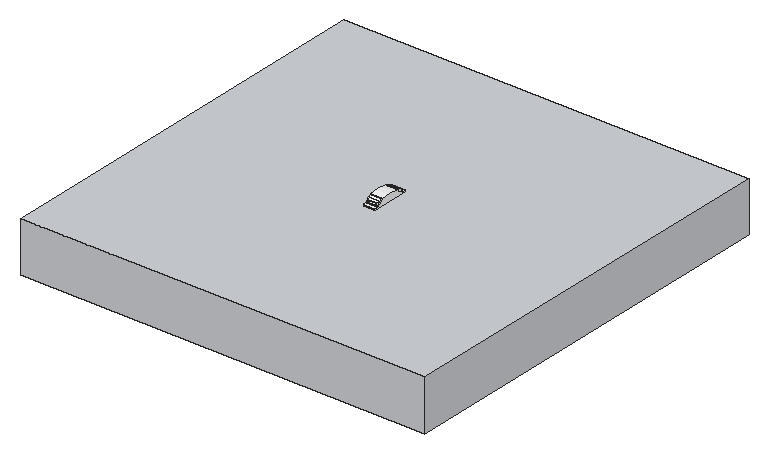
Revit family "Legrand_Gestion_eclairage_Actionneur", category Dispositifs d'éclairage, Revit 2020
Family settings
  Hôte = Face
  Conserver l'orientation des annotations = Non
  Cote de connecteur circulaire = Utiliser le diamètre
  Type d'élément = Normal
  Couper avec des vides une fois chargée = Non
  Partagée = Non
  Point de calcul de pièce = Non
Parameters (values of type "DALI")
  URL = "http://www.legrandoc.com/048851"
  Télécommandable = no
  Type de tension = ""
  Tension nominale (V) = 230
  Température (MIN) (°C) = 0
  Température (MAX) (°C) = 0
  Sensibilité réglable = no
  Sensibilité lumineuse réglable = no
  Sensibilité lumineuse (MIN) (lx) = 0
  Sensibilité lumineuse (MAX) (lx) = 0
  Réglage de lumière constante = no
  Portée max. latérale (m) = 0
  Portée max. frontale (m) = 0
  Numéro RAL = 0
  Modèle = "048851"
  Mode de montage = "apparent"
  Liaison neutre = no
  Hauteur de montage maximale (m) = 0
  Gestion alarme = no
  Gestion CVC = no
  Fréquence (MIN) (Hz) = 50
  Fréquence (MAX) (Hz) = 60
  Fonction variateur intégré = no
  Fabricant = "Legrand"
  Exécution - Modèle = ""
  Entrée secondaire = yes
  Default Elevation = 1219.2 mm
  Durée d'enclenchement min. (s) = 0
  Durée d'enclenchement max. (mn) = 0
  Diamètre de détection sur le plancher (m) = 0
  Description = "Contrôleur ECO 2 Prog Mosaic-2 circts variation/éclairage DALI+circt ventilation"
  Courant de démarrage max. (A) = 0
  Coupure forcée = no
  Couleur = none
  Cosses d'artère secondaire = no
  Condition Générale d'Utilisation = "https://export.legrand.com/CGU-objets-BIM"
  Collecteur de terre = no
  Classe de protection (IP) = ""
  Capacité de coupure max. (W) = 0
  Angle de détection horizontal (MIN) (°) = 0
  Angle de détection horizontal (MAX) (°) = 0
  Adapté pour transmission sans fil = no
Types (4, lengths in mm): name | URL | Modèle | Description
  (no name) | "http://www.legrandoc.com/048852" | "048852" | "Contrôleur ECO 2 Prog Mosaic-2 circuits éclairge+ circt ventilation-1/10 V-à vis"
  ON/OFF | "http://www.legrandoc.com/048850" | "048850" | "Contrôleur ECO 2 Prog Mosaic-2 sorties 16A-2 circuits éclairage/ventilation-auto"
  DALI | "http://www.legrandoc.com/048851" | "048851" | "Contrôleur ECO 2 Prog Mosaic-2 circts variation/éclairage DALI+circt ventilation"
  0-10V | "http://www.legrandoc.com/048852" | "048852" | "Contrôleur ECO 2 Prog Mosaic-2 circuits éclairge+ circt ventilation-1/10 V-à vis"
Reference planes
  plane 1 "Centre (avant/arrière)": y = 0
  plane 2: z = 0
  plane 3 "Centre (gauche/droite)": x = 0
Forms (mm)
  Extrusion 1, solid
    sketch origin (0, 0, 0) x (1, 0, 0) y (0, 1, 0)
      loop
        line (-1219.2, 1219.2) -> (-1219.2, -1219.2) -> (1219.2, -1219.2) -> (1219.2, 1219.2) -> (-1219.2, 1219.2)
    from 0 to -304.8
Dimensions and locks
  aligned and locked: plane 2 to Extrusion 1
  aligned and locked: level to Extrusion 1
Nested families
  nested 1: "Modélisations 42 et 43" at (0, 0, 0), type "Modélisations 42 et 43"
Connectors
  electrical at (0, 0, 0)
    settings: index 1, voltage 230 V, apparent load 0 VA, apparent load phase1 0 VA, apparent load phase2 0 VA, apparent load phase3 0 VA, power factor 1, load classification "Eclairage", number of poles 1, system type 30, power factor state 1, is connector primary yes, connector utility no, sub classification motor no, connector description ""
Definition of nested family "Modélisations 42 et 43"
  Parameters (values of type "Modélisations 42 et 43")
    Profondeur totale = 82 mm
    Matériau couleur = none
    Longueur capot = 65 mm
    Largeur capot = 52 mm
    built-in parameter 1140140 [instance] = 1 (stored number, unit not read)
    Default Elevation = 0 mm
    Diamètre capot = 102 mm
    Ray Capot = Diamètre capot / 2  # 51 mm
    built-in parameter 1140142 [instance] = -1
    built-in parameter 1155100 [instance] = -1
  Reference planes
    plane 1 "Centre (avant/arrière)": y = 0
    plane 2: z = 0
    plane 3 "Centre (gauche/droite)": x = 0
  Forms (mm)
    Extrusion 1, solid, material <- "Matériau couleur"
      sketch origin (0, 0, 0) x (1, 0, 0) y (0, 1, 0)
        loop
          line (-35.5, 0) -> (-35.5, -108.239)
          arc (-35.5, -108.239) -> (-34.746, -111.454) -> (-33.278, -114.413) r 14.377
          arc (-33.278, -114.413) -> (-32.371, -115.193) -> (-31.215, -115.5) r 2.672
          line (-31.215, -115.5) -> (31.215, -115.5)
          arc (31.215, -115.5) -> (32.371, -115.193) -> (33.278, -114.413) r 2.672
          arc (33.278, -114.413) -> (34.746, -111.454) -> (35.5, -108.239) r 14.377
          line (35.5, -108.239) -> (35.5, 0) -> (35.5, 108.239)
          arc (35.5, 108.239) -> (34.81, 111.273) -> (33.483, 114.087) r 14.377
          arc (33.483, 114.087) -> (32.538, 115.098) -> (31.215, 115.5) r 2.672
          line (31.215, 115.5) -> (-31.215, 115.5)
          arc (-31.215, 115.5) -> (-32.371, 115.193) -> (-33.278, 114.413) r 2.672
          arc (-33.278, 114.413) -> (-34.746, 111.454) -> (-35.5, 108.239) r 14.377
          line (-35.5, 108.239) -> (-35.5, 0)
      from 0 to 7
    Extrusion 2, solid, material <- "Matériau couleur"
      sketch origin (0, 0, 0) x (0, 1, 0) y (0, 0, 1)
        loop
          line (91.261, 7) -> (91.261, 10.026)
          arc (91.261, 10.026) -> (70.41, 16.288) -> (57.75, 34) r 33.666
          line (57.75, 34) -> (57.75, 37)
          arc (57.75, 37) -> (0, 44) -> (-57.75, 37) r 241.719
          line (-57.75, 37) -> (-57.75, 34)
          arc (-57.75, 34) -> (-70.41, 16.288) -> (-91.261, 10.026) r 33.666
          line (-91.261, 10.026) -> (-91.261, 7) -> (91.261, 7)
      from -35.5 to 35.5
    Extrusion 3, solid, material <- "Matériau couleur"
      sketch origin (0, 0, 0) x (0, -1, 0) y (0, 0, -1)
        loop
          arc (57.75, -36.5) -> (67.379, -33.919) -> (76.893, -30.944) r 241.719
          arc (76.893, -30.944) -> (83.554, -28.175) -> (89.761, -24.502) r 51.421
          line (89.761, -24.502) -> (89.761, -10.003)
          arc (89.761, -10.003) -> (69.804, -16.731) -> (57.75, -34) r 33.666
          line (57.75, -34) -> (57.75, -36.5)
      from -33.998 to 34.012
    Extrusion 4, void
      sketch origin (0, 0, 0) x (1, 0, 0) y (0, 0, 1)
        loop
          line (-24.5, 9.373) -> (24.5, 9.373) -> (24.5, 17.944)
          arc (24.5, 17.944) -> (23.464, 20.444) -> (20.964, 21.48) r 3.536
          line (20.964, 21.48) -> (-20.964, 21.48)
          arc (-20.964, 21.48) -> (-23.464, 20.444) -> (-24.5, 17.944) r 3.536
          line (-24.5, 17.944) -> (-24.5, 9.373)
      from -94.5 to 93.09
    Extrusion 5, solid, material <- "Matériau couleur"
      sketch origin (0, 0, 0) x (0, 1, 0) y (0, 0, 1)
        loop
          line (57.75, 36.5) -> (57.75, 34)
          arc (57.75, 34) -> (69.804, 16.731) -> (89.761, 10.003) r 33.666
          line (89.761, 10.003) -> (89.761, 24.502)
          arc (89.761, 24.502) -> (83.554, 28.175) -> (76.893, 30.944) r 51.421
          arc (76.893, 30.944) -> (67.379, 33.919) -> (57.75, 36.5) r 241.719
      from -33.998 to 34.012
    Extrusion 6, void
      sketch origin (0, 0, 0) x (1, 0, 0) y (0, 1, 0)
        loop
          line (35.5, 91.261) -> (30.039, 91.261)
          arc (30.039, 91.261) -> (33.9, 89.661) -> (35.5, 85.8) r 5.461
          line (35.5, 85.8) -> (35.5, 91.261)
      from 7 to 36.96
    Extrusion 7, void
      sketch origin (0, 0, 0) x (-1, 0, 0) y (0, -1, 0)
        loop
          line (35.5, -91.261) -> (35.5, -85.8)
          arc (35.5, -85.8) -> (33.9, -89.661) -> (30.039, -91.261) r 5.461
          line (30.039, -91.261) -> (35.5, -91.261)
      from 7 to 34
    Extrusion 8, void
      sketch origin (0, 0, 0) x (1, 0, 0) y (0, 1, 0)
        loop
          line (35.5, -91.261) -> (35.5, -85.8)
          arc (35.5, -85.8) -> (33.9, -89.661) -> (30.039, -91.261) r 5.461
          line (30.039, -91.261) -> (35.5, -91.261)
      from 7 to 250
    Extrusion 9, void
      sketch origin (0, 0, 0) x (-1, 0, 0) y (0, -1, 0)
        loop
          line (35.5, 91.261) -> (30.039, 91.261)
          arc (30.039, 91.261) -> (33.9, 89.661) -> (35.5, 85.8) r 5.461
          line (35.5, 85.8) -> (35.5, 91.261)
      from 7 to 37
    Extrusion 10, void
      sketch origin (0, 0, 0) x (1, 0, 0) y (0, 1, 0)
        loop
          arc (-33.998, 84) -> (-30.735, 88.335) -> (-25.5, 89.761) r 8.377
          line (-25.5, 89.761) -> (-25.5, 93.09) -> (-35.5, 93.09) -> (-35.5, 84) -> (-33.998, 84)
        loop
          line (33.998, 84) -> (35.5, 84) -> (35.5, 93.09) -> (25.5, 93.09) -> (25.5, 89.761)
          arc (25.5, 89.761) -> (30.735, 88.335) -> (33.998, 84) r 8.377
      from 7 to 29.516
    Extrusion 11, void
      sketch origin (0, 0, 0) x (1, 0, 0) y (0, 1, 0)
        loop
          line (-33.998, -84) -> (-35.5, -84) -> (-35.5, -93.09) -> (-25.5, -93.09) -> (-25.5, -89.761)
          arc (-25.5, -89.761) -> (-30.735, -88.335) -> (-33.998, -84) r 8.377
        loop
          arc (33.998, -84) -> (30.735, -88.335) -> (25.5, -89.761) r 8.377
          line (25.5, -89.761) -> (25.5, -93.09) -> (35.5, -93.09) -> (35.5, -84) -> (33.998, -84)
      from 0 to 30.629
  Cuts and joins
    Extrusion 6, Extrusion 7, Extrusion 8, Extrusion 9 cuts Extrusion 1
    Extrusion 6, Extrusion 7, Extrusion 8, Extrusion 9 cuts Extrusion 2
    joined: Extrusion 1, Extrusion 2
    Extrusion 4, Extrusion 11 cuts Extrusion 3
    Extrusion 4, Extrusion 10 cuts Extrusion 5
  Lines and regions (mm)
    model lines, not visible
      curve 1: line (86, 0, 0) -> (0, 0, 0)
      curve 2: line (0, 0, 0) -> (0, -52.187, 0)
      curve 3: arc (86, 0, 0) -> (84.972, -12.666, 0) -> (79.53, -24.148, 0) r 35.33
      curve 4: arc (79.53, -24.148, 0) -> (72.004, -39.03, 0) -> (69.387, -55.499, 0) r 53.916
      curve 5: line (56, -61, 0) -> (61, -60.563, 0)
      curve 6: line (61, -60.563, 0) -> (61, -59.687, 0)
      curve 7: arc (61, -59.687, 0) -> (65.726, -58.66, 0) -> (69.387, -55.499, 0) r 9.813
      curve 8: arc (0, -52.187, 0) -> (22.855, -55.983, 0) -> (46, -57.022, 0) r 193.641
      curve 9: arc (46, -57.022, 0) -> (51.397, -58.014, 0) -> (56, -61, 0) r 14.03
      curve 10: arc (0, -51, -35) -> (0, -46.894, -36.173) -> (0, -43.086, -38.106) r 22.313
      curve 11: line (0, -26, -43.1) -> (0, -21, -43.1)
      curve 12: arc (0, -43.086, -38.106) -> (0, -34.806, -42.622) -> (0, -26, -46) r 71.004
      curve 13: line (0, -26, -46) -> (0, -21, -46)
      curve 14: line (0, -21, -46) -> (0, -18.947, -48.932)
      curve 15: line (0, -18.947, -48.932) -> (0, -12.425, -52)
      curve 16: line (0, -12.425, -52) -> (0, 0, -52)
      curve 17: line (-35.5, 0, 0) -> (-35.5, 91.261, 0)
      curve 18: line (-31.215, 115.5, 0) -> (31.215, 115.5, 0)
      curve 19: line (35.5, 91.261, 0) -> (35.5, 0, 0)
      curve 20: arc (-35.5, 91.261, 0) -> (-34.744, 93.571, 0) -> (-32.498, 94.5, 0) r 2.907
      curve 21: line (-32.498, 94.5, 0) -> (-32.498, 105, 0)
      curve 22: arc (-35.5, 108.239, 0) -> (-34.744, 105.929, 0) -> (-32.498, 105, 0) r 2.907
      curve 23: arc (-35.5, 108.239, 0) -> (-34.746, 111.454, 0) -> (-33.278, 114.413, 0) r 14.377
      curve 24: arc (-33.483, 114.087, 0) -> (-32.538, 115.098, 0) -> (-31.215, 115.5, 0) r 2.672
      curve 25: arc (35.5, 91.261, 0) -> (34.744, 93.571, 0) -> (32.498, 94.5, 0) r 2.907
      curve 26: line (32.498, 94.5, 0) -> (32.498, 105, 0)
      curve 27: arc (35.5, 108.239, 0) -> (34.744, 105.929, 0) -> (32.498, 105, 0) r 2.907
      curve 28: arc (35.5, 108.239, 0) -> (34.746, 111.454, 0) -> (33.278, 114.413, 0) r 14.377
      curve 29: arc (33.483, 114.087, 0) -> (32.538, 115.098, 0) -> (31.215, 115.5, 0) r 2.672
      curve 30: line (-35.5, 0, 0) -> (-35.5, -91.261, 0)
      curve 31: line (-31.215, -115.5, 0) -> (31.215, -115.5, 0)
      curve 32: line (35.5, -91.261, 0) -> (35.5, 0, 0)
      curve 33: arc (-35.5, -91.261, 0) -> (-34.744, -93.571, 0) -> (-32.498, -94.5, 0) r 2.907
      curve 34: line (-32.498, -94.5, 0) -> (-32.498, -105, 0)
      curve 35: arc (-35.5, -108.239, 0) -> (-34.744, -105.929, 0) -> (-32.498, -105, 0) r 2.907
      curve 36: arc (-35.5, -108.239, 0) -> (-34.746, -111.454, 0) -> (-33.278, -114.413, 0) r 14.377
      curve 37: arc (-33.483, -114.087, 0) -> (-32.538, -115.098, 0) -> (-31.215, -115.5, 0) r 2.672
      curve 38: arc (35.5, -91.261, 0) -> (34.744, -93.571, 0) -> (32.498, -94.5, 0) r 2.907
      curve 39: line (32.498, -94.5, 0) -> (32.498, -105, 0)
      curve 40: arc (35.5, -108.239, 0) -> (34.744, -105.929, 0) -> (32.498, -105, 0) r 2.907
      curve 41: arc (35.5, -108.239, 0) -> (34.746, -111.454, 0) -> (33.278, -114.413, 0) r 14.377
      curve 42: arc (33.483, -114.087, 0) -> (32.538, -115.098, 0) -> (31.215, -115.5, 0) r 2.672
      curve 43: arc (0, 0, 44) -> (0, 29.131, 42.614) -> (0, 57.75, 37) r 199.673
      curve 44: line (0, 94.502, 7) -> (0, 94.502, 10)
      curve 45: line (0, 57.75, 37) -> (0, 57.75, 34)
      curve 46: arc (0, 57.75, 34) -> (0, 72.329, 16.185) -> (0, 94.502, 10) r 38.151
      curve 47: arc (0, 0, 44) -> (0, -29.131, 42.614) -> (0, -57.75, 37) r 199.673
      curve 48: line (0, -94.502, 7) -> (0, -94.502, 10)
      curve 49: line (0, -57.75, 37) -> (0, -57.75, 34)
      curve 50: arc (0, -57.75, 34) -> (0, -72.329, 16.185) -> (0, -94.502, 10) r 38.151
      curve 51: line (0, 94.502, 7) -> (0, -94.502, 7)
  Dimensions and locks
    aligned and locked: level to plane 2
